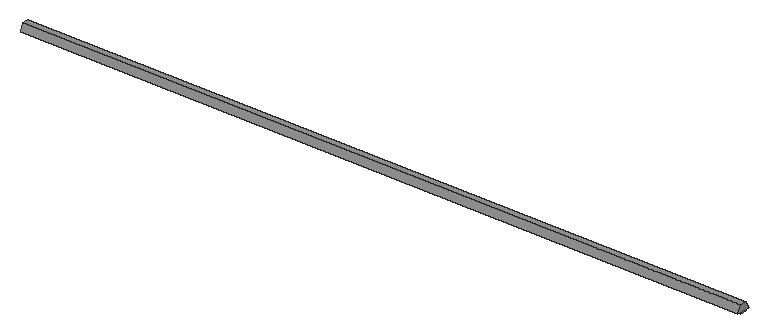
Revit family "WIG_2000MM", category Lighting Fixtures, host Ceiling, Revit 2021
Family settings
  Host = Ceiling
  Round Connector Dimension = Use Diameter
  Part Type = Normal
  OmniClass Number = 23.80.70.11
  OmniClass Title = Luminaries for Internal Lighting
  Always vertical = Yes
  Cut with Voids When Loaded = No
  Light Source = Yes
  Shared = No
  Room Calculation Point = No
Parameters
  Wattage = 16.1571 W
  built-in parameter 1150110 = 1 (stored number, unit not read)
  Type de lampe = "Ruban LED"
  Type = "Profilé encastrable + capot diffusant"
  built-in parameter 1114217 = 1 (stored number, unit not read)
  built-in parameter 1150109 = 1 (stored number, unit not read)
  built-in parameter 1150134 = (empty or 0)
  built-in parameter 1150113 = 1 (stored number, unit not read)
  Matériau = "Aluminium anodisé/Polycarbonate"
  Lumens = 2400 lm
  built-in parameter 1150115 = 1 (stored number, unit not read)
  built-in parameter 1150105 = 763.94 (stored number, unit not read)
  Light Source Symbol Size = 609.60 mm
  built-in parameter 1150137 = (empty or 0)
  built-in parameter 1150139 = (empty or 0)
  built-in parameter 1150112 = 1 (stored number, unit not read)
  built-in parameter 1150114 = 1 (stored number, unit not read)
  built-in parameter 1150132 = 2
  built-in parameter 1150102 = (empty or 0)
  built-in parameter 1150138 = (empty or 0)
  built-in parameter 1150107 = 3000 (stored number, unit not read)
  built-in parameter 1150106 = 7.6394 (stored number, unit not read)
  Fintion = "Gris aluminium"
  Emit from Line Length = 609.60 mm
  built-in parameter 1150104 = 13.8 (stored number, unit not read)
  Driver = "Driver externe"
  Dimming Lamp Color Temperature Shift = <None>
  Dimensions d’encastrement = "8x23 mm"
  Dimensions = "35x23 mm, L : 2000 mm"
  Diffuseur = "Polycarbonate satiné mat"
  Default Elevation = 0.00 mm
  Color Filter = 16777215
  built-in parameter 1114218 = 1 (stored number, unit not read)
  built-in parameter 1150133 = 10 (stored number, unit not read)
Reference planes
  plane 1 "Light Source Axis (F/B)": y = 0
  plane 2 "Ceiling": z = 2438.4
  plane 3 "Light Source Axis (L/R)": x = 0
  plane 4 "Light Source Elevation": z = 2436.732
Forms (mm)
  Blend 1, solid, material "Aluminum, Anodized Grey"
    base sketch origin (0, 0, 2436.732) x (0, -1, 0) y (1, 0, 0)
      loop
        line (-17.5, -1000) -> (17.5, -1000) -> (17.5, 1000) -> (-17.5, 1000) -> (-17.5, -1000)
    top sketch origin (0, 0, 2436.732) x (0, -1, 0) y (1, 0, 0)
      loop
        line (-9, -1000) -> (9, -1000) -> (9, 1000) -> (-9, 1000) -> (-9, -1000)
    from 3.515 to 22.716
  Extrusion 2, solid, material "Glass, White, High Luminance"
    sketch origin (0, 0, 2436.732) x (0, -1, 0) y (1, 0, 0)
      loop
        line (-9, -1000) -> (9, -1000) -> (9, 1000) -> (-9, 1000) -> (-9, -1000)
    from -0.284 to 4.985
Lines and regions (mm)
  reference lines
    curve 1: line (0, 0, 2436.732) -> (1000, 0, 2436.732)
    curve 2: line (0, 0, 2436.732) -> (-1000, 0, 2436.732)
    curve 3: line (0, 0, 2436.732) -> (0, 9, 2436.732)
    curve 4: line (0, 0, 2436.732) -> (0, -9, 2436.732)
    curve 5: line (-16.473, 0, 2436.732) -> (-16.473, 17.5, 2436.732)
    curve 6: line (-16.473, 0, 2436.732) -> (-16.473, -17.5, 2436.732)
    curve 7: line (0, 0, 2436.448) -> (0, 0, 2459.448)
Dimensions and locks
  equal spacing: host sketch curve, plane 3 "Light Source Axis (L/R)", host sketch curve
  equal spacing: host sketch curve, plane 1 "Light Source Axis (F/B)", host sketch curve
  host sketch curve to host sketch curve = 3048.00 mm  (x2)
  aligned and locked: plane 1 "Light Source Axis (F/B)" to imposter light
  aligned and locked: plane 4 "Light Source Elevation" to imposter light
